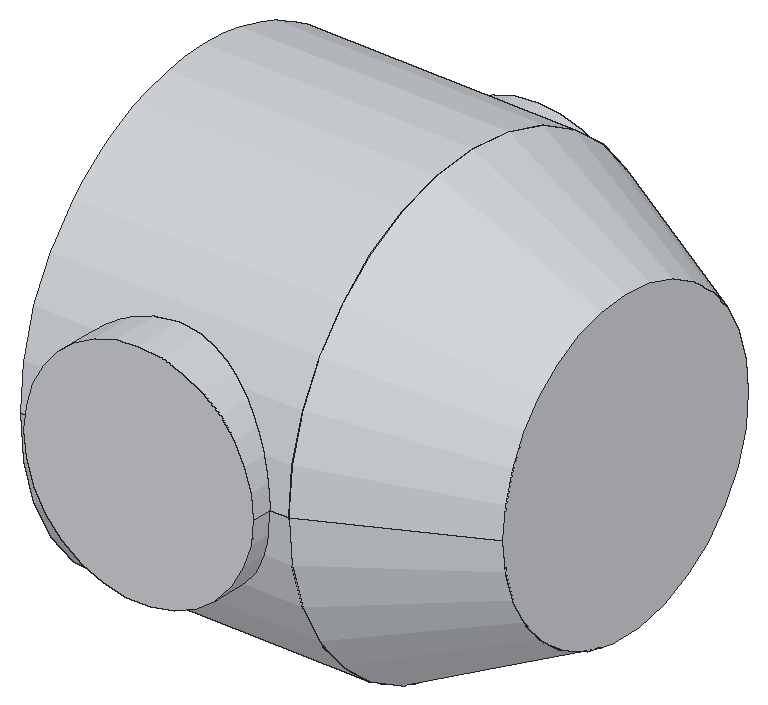
Revit family "99126db22291450ea2c7b188687e3182", category Duct Fittings, Revit 2021
Family settings
  Round Connector Dimension = Use Radius
  Part Type = Cross
  OmniClass Number = 23.75.70.14
  OmniClass Title = Air Ductwork
  Seek Item ID = Round Cross with Transition - Straight-0000-USA-ENU
  Work Plane-Based = No
  Always vertical = Yes
  Cut with Voids When Loaded = No
  Shared = No
Parameters (values of type "Standard")
  Shoulder Length [instance] = 1"
  Duct Radius 4 [instance] = 6"
  Duct Radius 3 [instance] = 6"
  Duct Radius 2 [instance] = 8"
  Duct Radius 1 [instance] = 12"
  Duct Length 4 [instance] = 1"
  Duct Length 3 [instance] = 1"
  Duct Length 1 [instance] = if(Duct Radius 3 > Duct Radius 4, Duct Radius 3 + Shoulder Length, Duct Radius 4 + Shoulder Length)  # 7"
  Duct Diameter 4 [instance] = 2 * Duct Radius 4  # 12"
  Duct Diameter 3 [instance] = 2 * Duct Radius 3  # 12"
  Duct Diameter 2 [instance] = 2 * Duct Radius 2  # 16"
  Duct Diameter 1 [instance] = 2 * Duct Radius 1  # 24"
  Duct Length 2 [instance] = if(2 * abs(Duct Radius 1 - Duct Radius 2) > 1' 0", 1' 0", if(2 * abs(Duct Radius 1 - Duct Radius 2) < 0' 1", 0' 1", 2 * abs(Duct Radius 1 - Duct Radius 2)))  # 8"
  Default Elevation = 0' - 0"
  Assembly Code = ""
Reference planes (in)
  plane 1 "Center (Front/Back)": y = 0
  plane 2: z = 0
  plane 3 "Center (Left/Right)": x = 0
  plane 4: x = -7
  plane 5: x = 7
  plane 6: y = 12
  plane 7: y = -12
  plane 8: x = 15
  plane 9: y = 13
  plane 10: y = -13
Forms (in)
  Sweep 1, solid, detail levels medium+fine
    path in 3D
      loop
        line (-7, 0, 0) -> (7, 0, 0)
    profile origin (0, 0, 0) x (0, 1, 0) y (0, 0, 1)
      loop
        circle (0, 0) r 12
  Blend 2, solid, detail levels medium+fine
    base sketch origin (7, 60, 48) x (0, 1, 0) y (0, 0, 1)
      loop
        circle (-60, -48) r 12
    top sketch origin (7, 60, 48) x (0, 1, 0) y (0, 0, 1)
      loop
        circle (-60, -48) r 8
    from 0 to 8
  Extrusion 3, solid, detail levels medium+fine
    sketch origin (7, 60, 48) x (0, 1, 0) y (0, 0, 1)
      loop
        circle (-60, -48) r 0.25
    from 0 to 8
  Sweep 4, solid, detail levels medium+fine
    path in 3D
      loop
        line (0, 0, 0) -> (0, 13, 0)
    profile origin (0, 6.5, 0) x (-1, 0, 0) y (0, 0, 1)
      loop
        circle (0, 0) r 6
  Sweep 5, solid, detail levels medium+fine
    path in 3D
      loop
        line (0, 0, 0) -> (0, -13, 0)
    profile origin (0, -6.5, 0) x (1, 0, 0) y (0, 0, 1)
      loop
        circle (0, 0) r 6
Cuts and joins
  joined: Blend 2, Extrusion 3
  joined: Sweep 1, Sweep 4, Sweep 5
Lines and regions (in)
  model lines, detail levels coarse
    curve 1: line (-7, 0, 0) -> (7, 0, 0)
    curve 2: line (7, 0, 0) -> (15, 0, 0)
    curve 4: line (0, 0, 0) -> (0, 13, 0)
    curve 5: line (0, 0, 0) -> (0, -13, 0)
  sketch lines
    curve 3: line (-7, 0, 0) -> (7, 0, 0)
    curve 6: line (0, 0, 0) -> (0, 13, 0)
    curve 7: line (0, 0, 0) -> (0, -13, 0)
Dimensions and locks (in)
  "Duct Length 1": plane 4 to plane 3 "Center (Left/Right)"
  "Duct Length 1": plane 3 "Center (Left/Right)" to plane 5
  "Duct Length 2": plane 5 to plane 8
  "Duct Radius 1": plane 1 "Center (Front/Back)" to plane 6
  "Duct Radius 1": plane 7 to plane 1 "Center (Front/Back)"
  "Duct Length 4": plane 9 to plane 6
  "Duct Length 3": plane 7 to plane 10
  "Duct Radius 1": radius of Sweep 1 sketch curve
  "Duct Radius 1": radius of Blend 2 sketch curve
  "Duct Radius 2": radius of Blend 2 sketch curve
  "Duct Radius 4": radius of Sweep 4 sketch curve
  "Duct Radius 3": radius of Sweep 5 sketch curve
  aligned and locked: plane 1 "Center (Front/Back)" to curve 1
  aligned and locked: plane 4 to curve 1
  aligned and locked: plane 5 to curve 2
  aligned and locked: plane 8 to curve 2
  aligned and locked: plane 8 to Blend 2
  aligned and locked: Blend 2 to plane 5
  aligned and locked: plane 8 to Extrusion 3
  aligned and locked: Extrusion 3 to plane 5
  aligned and locked: plane 3 "Center (Left/Right)" to curve 4
  aligned and locked: plane 1 "Center (Front/Back)" to curve 4
  aligned and locked: plane 9 to curve 4
  aligned and locked: curve 5 to plane 3 "Center (Left/Right)"
  aligned and locked: plane 10 to curve 5
Automatic sketch dimensions
  Sweep 1 sketch curve to profile plane = 0' - 0"  (x2)
  Blend 2 sketch curve to level = 0' - 0"  (x2)
  Blend 2 sketch curve to plane 1 "Center (Front/Back)" = 0' - 0"  (x2)
  Extrusion 3 sketch curve to level = 0' - 0"
  Extrusion 3 sketch curve to plane 1 "Center (Front/Back)" = 0' - 0"
  Sweep 4 sketch curve to profile plane = 0' - 0"  (x2)
  Sweep 5 sketch curve to profile plane = 0' - 0"  (x2)
  radius of Extrusion 3 sketch curve = 0' - 0 1/4"
Connectors (in)
  hvac at (-7, 0, 0), driven by "Duct Radius 1"
    settings: on Sweep 1, index 1, duct flow 0 CFM, flow factor 0, pres drop 0.00 in-wg, loss coef 0, conn angle 0.00°, conn width 12", conn height 12", conn diameter 24", duct sys type 28, conn prof type 0, flow config 0, flow direction 0, loss method 0, conn ref index 2, conn util no, is conn primary yes, conn desc ""
  hvac at (15, 0, 0), driven by "Duct Radius 2"
    settings: on Extrusion 3, index 2, duct flow 0 CFM, flow factor 0, pres drop 0.00 in-wg, loss coef 0, conn angle 0.00°, conn width 12", conn height 12", conn diameter 16", duct sys type 28, conn prof type 0, flow config 0, flow direction 0, loss method 0, conn ref index 1, conn util no, is conn primary no, conn desc ""
  hvac at (0, -13, 0), driven by "Duct Radius 3"
    settings: on cut or joined group of Sweep 1, Sweep 4, Sweep 5, index 3, duct flow 0 CFM, flow factor 0, pres drop 0.00 in-wg, loss coef 0, conn angle 0.00°, conn width 12", conn height 12", conn diameter 12", duct sys type 28, conn prof type 0, flow config 0, flow direction 0, loss method 0, conn ref index 4, conn util no, is conn primary no, conn desc ""
  hvac at (0, 13, 0), driven by "Duct Radius 4"
    settings: on cut or joined group of Sweep 1, Sweep 4, Sweep 5, index 4, duct flow 0 CFM, flow factor 0, pres drop 0.00 in-wg, loss coef 0, conn angle 0.00°, conn width 12", conn height 12", conn diameter 12", duct sys type 28, conn prof type 0, flow config 0, flow direction 0, loss method 0, conn ref index 3, conn util no, is conn primary no, conn desc ""
